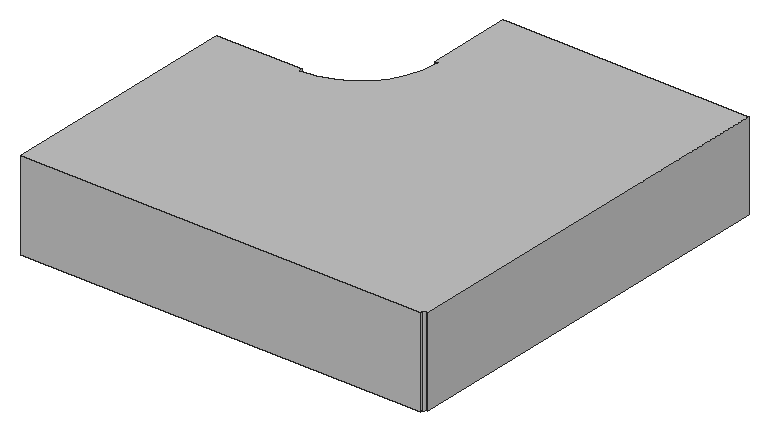
Revit family "Specialty_Equipment-Metal_Raceway-Hubbell_Wiring-Flat_Elbow_Undivided-HBL4711", category Specialty Equipment, host Face, Revit 2015
Parameters (values of type "HBL4711GY - Gray")
  URL = "http://www.hubbell-wiring.com/"
  Product data url = "https://bimobject.com/hubbellwiring/product/hubbell-metal-raceway-hbl4750"
  Product Page URL = "http://ecatalog.hubbell-wiring.com/ProductInformation/ViewCatalog.aspx?Dest=hubbell-wiring.com/press/catalog/o.pdf&Page=21"
  Product Documentation Link = "http://www.hubbell-wiring.com/press/pdfs/h5233r08.pdf"
  Model = "HBL4711GY"
  Manufacturer = "Hubbell-Wiring"  # constant formula
  Host Note = "Add in Section View; Host to Wall"  # constant formula
  Description = "Flat Elbow Undivided"  # constant formula
  Default Elevation = 0' - 0"
  Cable Tray Material = Metal-Hubbell-Gray Powder Coat
  Assembly Code = "D5090900"
Types (3): name | Model | Cable Tray Material
  (no name) | "HBL4711IV" | Metal-Hubbell-Ivory Powder Coat
  HBL4711GY - Gray | "HBL4711GY" | Metal-Hubbell-Gray Powder Coat
  HBL4711IV - Ivory | "HBL4711IV" | Metal-Hubbell-Ivory Powder Coat
Reference planes (in)
  plane 1 "Level": y = 0
  plane 2 "Wall": z = 0
  plane 3 "Left": x = 0
  plane 4 "Outer Face": z = 1.71
  plane 5 "Right": x = 7.84028
  plane 6 "Top": y = 5.46528
  plane 7 "Bottom": y = -2.375
  plane 8 "Center": x = 5.46528
Forms (in)
  Extrusion 1, solid, material "Metal-Hubbell-Gray Powder Coat" <- "Cable Tray Material"
    sketch origin (0, 0, 0) x (1, 0, 0) y (0, 1, 0)
      loop
        line (1.65, 2.33) -> (1.65, 2.375) -> (0, 2.375) -> (0, 2.33) -> (0, -2.33) -> (0, -2.375) -> (7.75496, -2.375) -> (7.75496, -2.33)
        arc (7.75496, -2.33) -> (7.78356, -2.31828) -> (7.79527, -2.28969) r 0.04
        line (7.79527, -2.28969) -> (7.84028, -2.28969) -> (7.84028, 5.46528) -> (7.79528, 5.46528) -> (3.13528, 5.46528) -> (3.09028, 5.46528) -> (3.09028, 3.81528) -> (3.13527, 3.81528)
        arc (3.13527, 3.81528) -> (2.70091, 2.76436) -> (1.65, 2.33) r 1.483
    from 0 to 1.71
Lines and regions (in)
  Masking region 1
    outline origin (0, 0, 0) x (1, 0, 0) y (0, 0, 1)
      loop
        line (0, 1.71) -> (0, 0) -> (7.84028, 0) -> (7.84028, 1.71) -> (0, 1.71)
  symbolic lines, detail levels fine
    curve 1: line (1.65, 0, 0) -> (1.65, 0, 1.71)
    curve 2: line (3.13527, 0, 0) -> (3.13527, 0, 1.71)
    curve 3: line (7.75496, 0, 0) -> (7.75496, 0, 1.71)
Dimensions and locks (in)
  locked: plane 4 "Outer Face" to level at 1.71
  plane 6 "Top" to plane 1 "Level" to plane 7 "Bottom" = 0' - 5.46528" locked, 0' - 2 3/8" locked
  locked: plane 3 "Left" to plane 5 "Right" at 7.84028
  aligned and locked: plane 2 "Wall" to host face
  aligned and locked: level to host face
  aligned and locked: plane 4 "Outer Face" to Extrusion 1
  aligned and locked: plane 2 "Wall" to Extrusion 1
  aligned and locked: plane 6 "Top" to Extrusion 1
  aligned and locked: Extrusion 1 to plane 3 "Left"
  aligned and locked: plane 5 "Right" to Extrusion 1
  aligned and locked: Extrusion 1 to plane 7 "Bottom"
  aligned and locked: Masking region 1 sketch curve to Extrusion 1  (x4)
  aligned and locked: curve 1 to Extrusion 1
  aligned and locked: curve 2 to Extrusion 1
  aligned and locked: curve 3 to Extrusion 1
  aligned and locked: plane 4 "Outer Face" to curve 1
  aligned and locked: plane 4 "Outer Face" to curve 2
  aligned and locked: plane 4 "Outer Face" to curve 3
  aligned and locked: plane 2 "Wall" to curve 1
  aligned and locked: plane 2 "Wall" to curve 2
  aligned and locked: plane 2 "Wall" to curve 3
